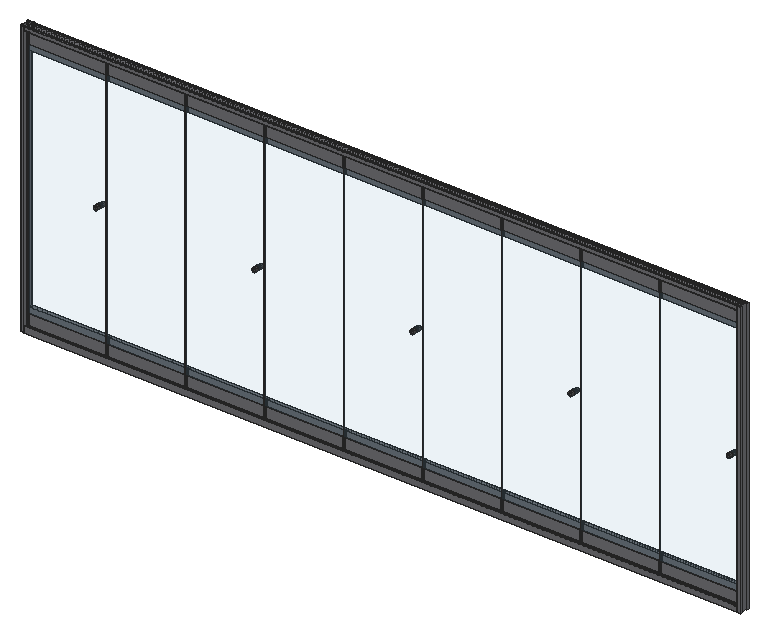
Revit family "QFL9 LH", category Doors, host Wall, Revit 2024 (continued)
Automatic sketch dimensions
  Extrusion 2 sketch curve to Extrusion 2 sketch curve = 23 mm
  Extrusion 2 sketch curve to Extrusion 2 sketch curve = 20.6 mm
  Extrusion 2 sketch curve to Extrusion 2 sketch curve = 3.301 mm
  Extrusion 2 sketch curve to Extrusion 2 sketch curve = 2.2 mm  (x2)
  level to Extrusion 2 sketch curve = 8.4 mm
  Extrusion 2 sketch curve to Extrusion 2 sketch curve = 4.1 mm
  Extrusion 2 sketch curve to Extrusion 2 sketch curve = 0.629 mm
  Extrusion 2 sketch curve to Extrusion 2 sketch curve = 0.057 mm
  Extrusion 2 sketch curve to Extrusion 2 sketch curve = 2.504 mm
  Extrusion 2 sketch curve to Extrusion 2 sketch curve = 14 mm
  Extrusion 2 sketch curve to Extrusion 2 sketch curve = 1.65 mm
  Extrusion 2 sketch curve to Extrusion 2 sketch curve = 9 mm
  Extrusion 2 sketch curve to Extrusion 2 sketch curve = 1.151 mm
  Extrusion 2 sketch curve to Extrusion 2 sketch curve = 43.5 mm
  Extrusion 2 sketch curve to Extrusion 2 sketch curve = 1.15 mm  (x2)
  Extrusion 2 sketch curve to Extrusion 2 sketch curve = 4 mm
  Extrusion 2 sketch curve to Extrusion 2 sketch curve = 10.3 mm
  Extrusion 2 sketch curve to Extrusion 2 sketch curve = 5.8 mm
  plane 5 to Extrusion 2 sketch curve = 2 mm
  Extrusion 3 sketch curve to host wall = 33.496 mm  (x2)
  Extrusion 3 sketch curve to Extrusion 3 sketch curve = 1.79 mm  (x4)
  Extrusion 3 sketch curve to Extrusion 3 sketch curve = 0 mm
  Extrusion 3 sketch curve to Extrusion 3 sketch curve = 0.01 mm
  Extrusion 3 sketch curve to Extrusion 3 sketch curve = 1.8 mm  (x6)
  Extrusion 3 sketch curve to Extrusion 3 sketch curve = 0.51 mm  (x2)
  Extrusion 3 sketch curve to Extrusion 3 sketch curve = 3.11 mm  (x2)
  Extrusion 3 sketch curve to Extrusion 3 sketch curve = 8.21 mm  (x2)
  Extrusion 3 sketch curve to Extrusion 3 sketch curve = 1.028 mm  (x2)
  host wall to Extrusion 3 sketch curve = 0.504 mm  (x2)
  host wall to Extrusion 3 sketch curve = 2.504 mm  (x2)
  host wall to Extrusion 3 sketch curve = 5.604 mm  (x2)
  host wall to Extrusion 3 sketch curve = 8.2 mm  (x2)
  Extrusion 3 sketch curve to Extrusion 3 sketch curve = 3.1 mm  (x2)
  Extrusion 3 sketch curve to Extrusion 3 sketch curve = 0.514 mm
  Extrusion 3 sketch curve to Extrusion 3 sketch curve = 6.21 mm
  Extrusion 3 sketch curve to Extrusion 3 sketch curve = 0.05 mm
  Extrusion 3 sketch curve to Extrusion 3 sketch curve = 0.554 mm
  level to Extrusion 3 sketch curve = 31 mm  (x2)
  Extrusion 3 sketch curve to Extrusion 3 sketch curve = 2 mm  (x6)
  Extrusion 3 sketch curve to Extrusion 3 sketch curve = 1.6 mm  (x4)
  Extrusion 3 sketch curve to Extrusion 3 sketch curve = 12.367 mm  (x2)
  Extrusion 3 sketch curve to Extrusion 3 sketch curve = 12.517 mm  (x2)
  Extrusion 3 sketch curve to Extrusion 3 sketch curve = 1.048 mm  (x2)
  Extrusion 3 sketch curve to Extrusion 3 sketch curve = 0.963 mm  (x2)
  Extrusion 3 sketch curve to Extrusion 3 sketch curve = 2.92 mm  (x2)
  Extrusion 3 sketch curve to Extrusion 3 sketch curve = 66.2 mm
  Extrusion 3 sketch curve to Extrusion 3 sketch curve = 33.962 mm
  Extrusion 3 sketch curve to Extrusion 3 sketch curve = 1.038 mm  (x2)
  Extrusion 3 sketch curve to Extrusion 3 sketch curve = 9.238 mm
  plane 5 to Extrusion 3 sketch curve = 174 mm
  Extrusion 3 sketch curve to Extrusion 3 sketch curve = 8.2 mm
  Extrusion 3 sketch curve to Extrusion 3 sketch curve = 43.2 mm
  plane 5 to Extrusion 3 sketch curve = 60.8 mm
  Extrusion 3 sketch curve to Extrusion 3 sketch curve = 2.985 mm
  host wall to Extrusion 4 sketch curve = 2.504 mm
  Extrusion 4 sketch curve to Extrusion 4 sketch curve = 8 mm
  level to Extrusion 4 sketch curve = 121 mm
  plane 5 to Extrusion 4 sketch curve = 129 mm
  Extrusion 5 sketch curve to host wall = 33.496 mm  (x2)
  Extrusion 5 sketch curve to Extrusion 5 sketch curve = 4.9 mm  (x3)
  Extrusion 5 sketch curve to Extrusion 5 sketch curve = 10 mm  (x4)
  host wall to Extrusion 5 sketch curve = 2.504 mm  (x2)
  host wall to Extrusion 5 sketch curve = 5.604 mm  (x2)
  Extrusion 5 sketch curve to Extrusion 5 sketch curve = 8 mm
  plane 5 to Extrusion 5 sketch curve = 39 mm
  Extrusion 5 sketch curve to Extrusion 5 sketch curve = 0 mm
  Extrusion 5 sketch curve to Extrusion 5 sketch curve = 20 mm  (x3)
  Extrusion 5 sketch curve to Extrusion 5 sketch curve = 70 mm
  Extrusion 5 sketch curve to Extrusion 5 sketch curve = 35 mm
  level to Extrusion 5 sketch curve = 166 mm
  Extrusion 5 sketch curve to Extrusion 5 sketch curve = 45 mm
  level to Extrusion 5 sketch curve = 51 mm
  Extrusion 6 sketch curve to host wall = 33.496 mm  (x2)
  Extrusion 6 sketch curve to Extrusion 6 sketch curve = 4.9 mm  (x3)
  Extrusion 6 sketch curve to Extrusion 6 sketch curve = 10 mm  (x4)
  host wall to Extrusion 6 sketch curve = 2.504 mm  (x2)
  host wall to Extrusion 6 sketch curve = 5.604 mm  (x2)
  Extrusion 6 sketch curve to Extrusion 6 sketch curve = 8 mm
  level to Extrusion 6 sketch curve = 31 mm  (x2)
  Extrusion 6 sketch curve to Extrusion 6 sketch curve = 20 mm  (x3)
  Extrusion 6 sketch curve to Extrusion 6 sketch curve = 70 mm
  Extrusion 6 sketch curve to Extrusion 6 sketch curve = 35 mm
  plane 5 to Extrusion 6 sketch curve = 174 mm
  Extrusion 6 sketch curve to Extrusion 6 sketch curve = 45 mm
  plane 5 to Extrusion 6 sketch curve = 59 mm
  Extrusion 7 sketch curve to host wall = 33.496 mm  (x2)
  Extrusion 7 sketch curve to Extrusion 7 sketch curve = 1.79 mm  (x4)
  Extrusion 7 sketch curve to Extrusion 7 sketch curve = 0 mm
  Extrusion 7 sketch curve to Extrusion 7 sketch curve = 0.01 mm
  Extrusion 7 sketch curve to Extrusion 7 sketch curve = 1.8 mm  (x6)
  Extrusion 7 sketch curve to Extrusion 7 sketch curve = 0.51 mm  (x2)
  Extrusion 7 sketch curve to Extrusion 7 sketch curve = 3.11 mm  (x2)
  Extrusion 7 sketch curve to Extrusion 7 sketch curve = 8.21 mm  (x2)
  Extrusion 7 sketch curve to Extrusion 7 sketch curve = 1.028 mm  (x2)
  host wall to Extrusion 7 sketch curve = 0.504 mm  (x2)
  host wall to Extrusion 7 sketch curve = 2.504 mm  (x2)
  host wall to Extrusion 7 sketch curve = 5.604 mm  (x2)
  host wall to Extrusion 7 sketch curve = 8.2 mm  (x2)
  Extrusion 7 sketch curve to Extrusion 7 sketch curve = 3.1 mm  (x2)
  Extrusion 7 sketch curve to Extrusion 7 sketch curve = 0.514 mm
  Extrusion 7 sketch curve to Extrusion 7 sketch curve = 6.21 mm
  Extrusion 7 sketch curve to Extrusion 7 sketch curve = 0.05 mm
  Extrusion 7 sketch curve to Extrusion 7 sketch curve = 0.554 mm
  level to Extrusion 7 sketch curve = 31 mm  (x2)
  Extrusion 7 sketch curve to Extrusion 7 sketch curve = 2 mm  (x6)
  Extrusion 7 sketch curve to Extrusion 7 sketch curve = 1.6 mm  (x4)
  Extrusion 7 sketch curve to Extrusion 7 sketch curve = 12.367 mm  (x2)
  Extrusion 7 sketch curve to Extrusion 7 sketch curve = 12.517 mm  (x2)
  Extrusion 7 sketch curve to Extrusion 7 sketch curve = 1.048 mm  (x2)
  Extrusion 7 sketch curve to Extrusion 7 sketch curve = 0.963 mm  (x2)
  Extrusion 7 sketch curve to Extrusion 7 sketch curve = 2.92 mm  (x2)
  Extrusion 7 sketch curve to Extrusion 7 sketch curve = 66.2 mm
  Extrusion 7 sketch curve to Extrusion 7 sketch curve = 33.962 mm
  Extrusion 7 sketch curve to Extrusion 7 sketch curve = 1.038 mm  (x2)
  Extrusion 7 sketch curve to Extrusion 7 sketch curve = 9.238 mm
  plane 5 to Extrusion 7 sketch curve = 174 mm
  Extrusion 7 sketch curve to Extrusion 7 sketch curve = 8.2 mm
  Extrusion 7 sketch curve to Extrusion 7 sketch curve = 43.2 mm
  plane 5 to Extrusion 7 sketch curve = 60.8 mm
  Extrusion 7 sketch curve to Extrusion 7 sketch curve = 2.985 mm
  host wall to Extrusion 8 sketch curve = 2.504 mm
  Extrusion 8 sketch curve to Extrusion 8 sketch curve = 8 mm
  level to Extrusion 8 sketch curve = 121 mm
  plane 5 to Extrusion 8 sketch curve = 129 mm
  Extrusion 9 sketch curve to host wall = 33.496 mm  (x2)
  Extrusion 9 sketch curve to Extrusion 9 sketch curve = 4.9 mm  (x3)
  Extrusion 9 sketch curve to Extrusion 9 sketch curve = 10 mm  (x4)
  host wall to Extrusion 9 sketch curve = 2.504 mm  (x2)
  host wall to Extrusion 9 sketch curve = 5.604 mm  (x2)
  Extrusion 9 sketch curve to Extrusion 9 sketch curve = 8 mm
  plane 5 to Extrusion 9 sketch curve = 39 mm
  Extrusion 9 sketch curve to Extrusion 9 sketch curve = 0 mm
  Extrusion 9 sketch curve to Extrusion 9 sketch curve = 20 mm  (x3)
  Extrusion 9 sketch curve to Extrusion 9 sketch curve = 70 mm
  Extrusion 9 sketch curve to Extrusion 9 sketch curve = 35 mm
  level to Extrusion 9 sketch curve = 166 mm
  Extrusion 9 sketch curve to Extrusion 9 sketch curve = 45 mm
  level to Extrusion 9 sketch curve = 51 mm
  Extrusion 10 sketch curve to host wall = 33.496 mm  (x2)
  Extrusion 10 sketch curve to Extrusion 10 sketch curve = 4.9 mm  (x3)
  Extrusion 10 sketch curve to Extrusion 10 sketch curve = 10 mm  (x4)
  host wall to Extrusion 10 sketch curve = 2.504 mm  (x2)
  host wall to Extrusion 10 sketch curve = 5.604 mm  (x2)
  Extrusion 10 sketch curve to Extrusion 10 sketch curve = 8 mm
  level to Extrusion 10 sketch curve = 31 mm  (x2)
  Extrusion 10 sketch curve to Extrusion 10 sketch curve = 20 mm  (x3)
  Extrusion 10 sketch curve to Extrusion 10 sketch curve = 70 mm
  Extrusion 10 sketch curve to Extrusion 10 sketch curve = 35 mm
  plane 5 to Extrusion 10 sketch curve = 174 mm
  Extrusion 10 sketch curve to Extrusion 10 sketch curve = 45 mm
  plane 5 to Extrusion 10 sketch curve = 59 mm
  Extrusion 11 sketch curve to host wall = 33.496 mm  (x2)
  Extrusion 11 sketch curve to Extrusion 11 sketch curve = 1.79 mm  (x4)
  Extrusion 11 sketch curve to Extrusion 11 sketch curve = 0 mm
  Extrusion 11 sketch curve to Extrusion 11 sketch curve = 0.01 mm
  Extrusion 11 sketch curve to Extrusion 11 sketch curve = 1.8 mm  (x6)
  Extrusion 11 sketch curve to Extrusion 11 sketch curve = 0.51 mm  (x2)
  Extrusion 11 sketch curve to Extrusion 11 sketch curve = 3.11 mm  (x2)
  Extrusion 11 sketch curve to Extrusion 11 sketch curve = 8.21 mm  (x2)
  Extrusion 11 sketch curve to Extrusion 11 sketch curve = 1.028 mm  (x2)
  host wall to Extrusion 11 sketch curve = 0.504 mm  (x2)
  host wall to Extrusion 11 sketch curve = 2.504 mm  (x2)
  host wall to Extrusion 11 sketch curve = 5.604 mm  (x2)
  host wall to Extrusion 11 sketch curve = 8.2 mm  (x2)
  Extrusion 11 sketch curve to Extrusion 11 sketch curve = 3.1 mm  (x2)
  Extrusion 11 sketch curve to Extrusion 11 sketch curve = 0.514 mm
  Extrusion 11 sketch curve to Extrusion 11 sketch curve = 6.21 mm
  Extrusion 11 sketch curve to Extrusion 11 sketch curve = 0.05 mm
  Extrusion 11 sketch curve to Extrusion 11 sketch curve = 0.554 mm
  level to Extrusion 11 sketch curve = 31 mm  (x2)
  Extrusion 11 sketch curve to Extrusion 11 sketch curve = 2 mm  (x6)
  Extrusion 11 sketch curve to Extrusion 11 sketch curve = 1.6 mm  (x4)
  Extrusion 11 sketch curve to Extrusion 11 sketch curve = 12.367 mm  (x2)
  Extrusion 11 sketch curve to Extrusion 11 sketch curve = 12.517 mm  (x2)
  Extrusion 11 sketch curve to Extrusion 11 sketch curve = 1.048 mm  (x2)
  Extrusion 11 sketch curve to Extrusion 11 sketch curve = 0.963 mm  (x2)
  Extrusion 11 sketch curve to Extrusion 11 sketch curve = 2.92 mm  (x2)
  Extrusion 11 sketch curve to Extrusion 11 sketch curve = 66.2 mm
  Extrusion 11 sketch curve to Extrusion 11 sketch curve = 33.962 mm
  Extrusion 11 sketch curve to Extrusion 11 sketch curve = 1.038 mm  (x2)
  Extrusion 11 sketch curve to Extrusion 11 sketch curve = 9.238 mm
  plane 5 to Extrusion 11 sketch curve = 174 mm
  Extrusion 11 sketch curve to Extrusion 11 sketch curve = 8.2 mm
  Extrusion 11 sketch curve to Extrusion 11 sketch curve = 43.2 mm
  plane 5 to Extrusion 11 sketch curve = 60.8 mm
  Extrusion 11 sketch curve to Extrusion 11 sketch curve = 2.985 mm
  host wall to Extrusion 12 sketch curve = 2.504 mm
  Extrusion 12 sketch curve to Extrusion 12 sketch curve = 8 mm
  level to Extrusion 12 sketch curve = 121 mm
  plane 5 to Extrusion 12 sketch curve = 129 mm
  Extrusion 13 sketch curve to host wall = 33.496 mm  (x2)
  Extrusion 13 sketch curve to Extrusion 13 sketch curve = 4.9 mm  (x3)
  Extrusion 13 sketch curve to Extrusion 13 sketch curve = 10 mm  (x4)
  host wall to Extrusion 13 sketch curve = 2.504 mm  (x2)
  host wall to Extrusion 13 sketch curve = 5.604 mm  (x2)
  Extrusion 13 sketch curve to Extrusion 13 sketch curve = 8 mm
  plane 5 to Extrusion 13 sketch curve = 39 mm
  Extrusion 13 sketch curve to Extrusion 13 sketch curve = 0 mm
  Extrusion 13 sketch curve to Extrusion 13 sketch curve = 20 mm  (x3)
  Extrusion 13 sketch curve to Extrusion 13 sketch curve = 70 mm
  Extrusion 13 sketch curve to Extrusion 13 sketch curve = 35 mm
  level to Extrusion 13 sketch curve = 166 mm
  Extrusion 13 sketch curve to Extrusion 13 sketch curve = 45 mm
  level to Extrusion 13 sketch curve = 51 mm
  Extrusion 14 sketch curve to host wall = 33.496 mm  (x2)
  Extrusion 14 sketch curve to Extrusion 14 sketch curve = 4.9 mm  (x3)
  Extrusion 14 sketch curve to Extrusion 14 sketch curve = 10 mm  (x4)
  host wall to Extrusion 14 sketch curve = 2.504 mm  (x2)
  host wall to Extrusion 14 sketch curve = 5.604 mm  (x2)
  Extrusion 14 sketch curve to Extrusion 14 sketch curve = 8 mm
  level to Extrusion 14 sketch curve = 31 mm  (x2)
  Extrusion 14 sketch curve to Extrusion 14 sketch curve = 20 mm  (x3)
  Extrusion 14 sketch curve to Extrusion 14 sketch curve = 70 mm
  Extrusion 14 sketch curve to Extrusion 14 sketch curve = 35 mm
  plane 5 to Extrusion 14 sketch curve = 174 mm
  Extrusion 14 sketch curve to Extrusion 14 sketch curve = 45 mm
  plane 5 to Extrusion 14 sketch curve = 59 mm
  Extrusion 15 sketch curve to host wall = 33.496 mm  (x2)
  Extrusion 15 sketch curve to Extrusion 15 sketch curve = 1.79 mm  (x4)
  Extrusion 15 sketch curve to Extrusion 15 sketch curve = 0 mm
  Extrusion 15 sketch curve to Extrusion 15 sketch curve = 0.01 mm
  Extrusion 15 sketch curve to Extrusion 15 sketch curve = 1.8 mm  (x6)
  Extrusion 15 sketch curve to Extrusion 15 sketch curve = 0.51 mm  (x2)
  Extrusion 15 sketch curve to Extrusion 15 sketch curve = 3.11 mm  (x2)
  Extrusion 15 sketch curve to Extrusion 15 sketch curve = 8.21 mm  (x2)
  Extrusion 15 sketch curve to Extrusion 15 sketch curve = 1.028 mm  (x2)
  host wall to Extrusion 15 sketch curve = 0.504 mm  (x2)
  host wall to Extrusion 15 sketch curve = 2.504 mm  (x2)
  host wall to Extrusion 15 sketch curve = 5.604 mm  (x2)
  host wall to Extrusion 15 sketch curve = 8.2 mm  (x2)
  Extrusion 15 sketch curve to Extrusion 15 sketch curve = 3.1 mm  (x2)
  Extrusion 15 sketch curve to Extrusion 15 sketch curve = 0.514 mm
  Extrusion 15 sketch curve to Extrusion 15 sketch curve = 6.21 mm
  Extrusion 15 sketch curve to Extrusion 15 sketch curve = 0.05 mm
  Extrusion 15 sketch curve to Extrusion 15 sketch curve = 0.554 mm
  level to Extrusion 15 sketch curve = 31 mm  (x2)
  Extrusion 15 sketch curve to Extrusion 15 sketch curve = 2 mm  (x6)
  Extrusion 15 sketch curve to Extrusion 15 sketch curve = 1.6 mm  (x4)
  Extrusion 15 sketch curve to Extrusion 15 sketch curve = 12.367 mm  (x2)
  Extrusion 15 sketch curve to Extrusion 15 sketch curve = 12.517 mm  (x2)
  Extrusion 15 sketch curve to Extrusion 15 sketch curve = 1.048 mm  (x2)
  Extrusion 15 sketch curve to Extrusion 15 sketch curve = 0.963 mm  (x2)
  Extrusion 15 sketch curve to Extrusion 15 sketch curve = 2.92 mm  (x2)
  Extrusion 15 sketch curve to Extrusion 15 sketch curve = 66.2 mm
  Extrusion 15 sketch curve to Extrusion 15 sketch curve = 33.962 mm
  Extrusion 15 sketch curve to Extrusion 15 sketch curve = 1.038 mm  (x2)
  Extrusion 15 sketch curve to Extrusion 15 sketch curve = 9.238 mm
  plane 5 to Extrusion 15 sketch curve = 174 mm
  Extrusion 15 sketch curve to Extrusion 15 sketch curve = 8.2 mm
  Extrusion 15 sketch curve to Extrusion 15 sketch curve = 43.2 mm
  plane 5 to Extrusion 15 sketch curve = 60.8 mm
  Extrusion 15 sketch curve to Extrusion 15 sketch curve = 2.985 mm
  host wall to Extrusion 16 sketch curve = 2.504 mm
  Extrusion 16 sketch curve to Extrusion 16 sketch curve = 8 mm
  level to Extrusion 16 sketch curve = 121 mm
  plane 5 to Extrusion 16 sketch curve = 129 mm
  Extrusion 17 sketch curve to host wall = 33.496 mm  (x2)
  Extrusion 17 sketch curve to Extrusion 17 sketch curve = 4.9 mm  (x3)
  Extrusion 17 sketch curve to Extrusion 17 sketch curve = 10 mm  (x4)
  host wall to Extrusion 17 sketch curve = 2.504 mm  (x2)
  host wall to Extrusion 17 sketch curve = 5.604 mm  (x2)
  Extrusion 17 sketch curve to Extrusion 17 sketch curve = 8 mm
  plane 5 to Extrusion 17 sketch curve = 39 mm
  Extrusion 17 sketch curve to Extrusion 17 sketch curve = 0 mm
  Extrusion 17 sketch curve to Extrusion 17 sketch curve = 20 mm  (x3)
  Extrusion 17 sketch curve to Extrusion 17 sketch curve = 70 mm
  Extrusion 17 sketch curve to Extrusion 17 sketch curve = 35 mm
  level to Extrusion 17 sketch curve = 166 mm
  Extrusion 17 sketch curve to Extrusion 17 sketch curve = 45 mm
  level to Extrusion 17 sketch curve = 51 mm
  Extrusion 18 sketch curve to host wall = 33.496 mm  (x2)
  Extrusion 18 sketch curve to Extrusion 18 sketch curve = 4.9 mm  (x3)
  Extrusion 18 sketch curve to Extrusion 18 sketch curve = 10 mm  (x4)
  host wall to Extrusion 18 sketch curve = 2.504 mm  (x2)
  host wall to Extrusion 18 sketch curve = 5.604 mm  (x2)
  Extrusion 18 sketch curve to Extrusion 18 sketch curve = 8 mm
  level to Extrusion 18 sketch curve = 31 mm  (x2)
  Extrusion 18 sketch curve to Extrusion 18 sketch curve = 20 mm  (x3)
  Extrusion 18 sketch curve to Extrusion 18 sketch curve = 70 mm
  Extrusion 18 sketch curve to Extrusion 18 sketch curve = 35 mm
  plane 5 to Extrusion 18 sketch curve = 174 mm
  Extrusion 18 sketch curve to Extrusion 18 sketch curve = 45 mm
  plane 5 to Extrusion 18 sketch curve = 59 mm
  Extrusion 19 sketch curve to host wall = 33.496 mm  (x2)
  Extrusion 19 sketch curve to Extrusion 19 sketch curve = 1.79 mm  (x4)
  Extrusion 19 sketch curve to Extrusion 19 sketch curve = 0 mm
  Extrusion 19 sketch curve to Extrusion 19 sketch curve = 0.01 mm
  Extrusion 19 sketch curve to Extrusion 19 sketch curve = 1.8 mm  (x6)
  Extrusion 19 sketch curve to Extrusion 19 sketch curve = 0.51 mm  (x2)
  Extrusion 19 sketch curve to Extrusion 19 sketch curve = 3.11 mm  (x2)
  Extrusion 19 sketch curve to Extrusion 19 sketch curve = 8.21 mm  (x2)
  Extrusion 19 sketch curve to Extrusion 19 sketch curve = 1.028 mm  (x2)
  host wall to Extrusion 19 sketch curve = 0.504 mm  (x2)
  host wall to Extrusion 19 sketch curve = 2.504 mm  (x2)
  host wall to Extrusion 19 sketch curve = 5.604 mm  (x2)
  host wall to Extrusion 19 sketch curve = 8.2 mm  (x2)
  Extrusion 19 sketch curve to Extrusion 19 sketch curve = 3.1 mm  (x2)
  Extrusion 19 sketch curve to Extrusion 19 sketch curve = 0.514 mm
  Extrusion 19 sketch curve to Extrusion 19 sketch curve = 6.21 mm
  Extrusion 19 sketch curve to Extrusion 19 sketch curve = 0.05 mm
  Extrusion 19 sketch curve to Extrusion 19 sketch curve = 0.554 mm
  level to Extrusion 19 sketch curve = 31 mm  (x2)
  Extrusion 19 sketch curve to Extrusion 19 sketch curve = 2 mm  (x6)
  Extrusion 19 sketch curve to Extrusion 19 sketch curve = 1.6 mm  (x4)
  Extrusion 19 sketch curve to Extrusion 19 sketch curve = 12.367 mm  (x2)
  Extrusion 19 sketch curve to Extrusion 19 sketch curve = 12.517 mm  (x2)
  Extrusion 19 sketch curve to Extrusion 19 sketch curve = 1.048 mm  (x2)
  Extrusion 19 sketch curve to Extrusion 19 sketch curve = 0.963 mm  (x2)
  Extrusion 19 sketch curve to Extrusion 19 sketch curve = 2.92 mm  (x2)
  Extrusion 19 sketch curve to Extrusion 19 sketch curve = 66.2 mm
  Extrusion 19 sketch curve to Extrusion 19 sketch curve = 33.962 mm
  Extrusion 19 sketch curve to Extrusion 19 sketch curve = 1.038 mm  (x2)
  Extrusion 19 sketch curve to Extrusion 19 sketch curve = 9.238 mm
  plane 5 to Extrusion 19 sketch curve = 174 mm
  Extrusion 19 sketch curve to Extrusion 19 sketch curve = 8.2 mm
  Extrusion 19 sketch curve to Extrusion 19 sketch curve = 43.2 mm
  plane 5 to Extrusion 19 sketch curve = 60.8 mm
  Extrusion 19 sketch curve to Extrusion 19 sketch curve = 2.985 mm
  host wall to Extrusion 20 sketch curve = 2.504 mm
  Extrusion 20 sketch curve to Extrusion 20 sketch curve = 8 mm
  level to Extrusion 20 sketch curve = 121 mm
  plane 5 to Extrusion 20 sketch curve = 129 mm
  Extrusion 21 sketch curve to host wall = 33.496 mm  (x2)
  Extrusion 21 sketch curve to Extrusion 21 sketch curve = 4.9 mm  (x3)
  Extrusion 21 sketch curve to Extrusion 21 sketch curve = 10 mm  (x4)
  host wall to Extrusion 21 sketch curve = 2.504 mm  (x2)
  host wall to Extrusion 21 sketch curve = 5.604 mm  (x2)
  Extrusion 21 sketch curve to Extrusion 21 sketch curve = 8 mm
  plane 5 to Extrusion 21 sketch curve = 39 mm
  Extrusion 21 sketch curve to Extrusion 21 sketch curve = 0 mm
  Extrusion 21 sketch curve to Extrusion 21 sketch curve = 20 mm  (x3)
  Extrusion 21 sketch curve to Extrusion 21 sketch curve = 70 mm
  Extrusion 21 sketch curve to Extrusion 21 sketch curve = 35 mm
  level to Extrusion 21 sketch curve = 166 mm
  Extrusion 21 sketch curve to Extrusion 21 sketch curve = 45 mm
  level to Extrusion 21 sketch curve = 51 mm
  Extrusion 22 sketch curve to host wall = 33.496 mm  (x2)
  Extrusion 22 sketch curve to Extrusion 22 sketch curve = 4.9 mm  (x3)
  Extrusion 22 sketch curve to Extrusion 22 sketch curve = 10 mm  (x4)
  host wall to Extrusion 22 sketch curve = 2.504 mm  (x2)
  host wall to Extrusion 22 sketch curve = 5.604 mm  (x2)
  Extrusion 22 sketch curve to Extrusion 22 sketch curve = 8 mm
  level to Extrusion 22 sketch curve = 31 mm  (x2)
  Extrusion 22 sketch curve to Extrusion 22 sketch curve = 20 mm  (x3)
  Extrusion 22 sketch curve to Extrusion 22 sketch curve = 70 mm
  Extrusion 22 sketch curve to Extrusion 22 sketch curve = 35 mm
  plane 5 to Extrusion 22 sketch curve = 174 mm
  Extrusion 22 sketch curve to Extrusion 22 sketch curve = 45 mm
  plane 5 to Extrusion 22 sketch curve = 59 mm
  Extrusion 23 sketch curve to host wall = 33.496 mm  (x2)
  Extrusion 23 sketch curve to Extrusion 23 sketch curve = 1.79 mm  (x4)
  Extrusion 23 sketch curve to Extrusion 23 sketch curve = 0 mm
  Extrusion 23 sketch curve to Extrusion 23 sketch curve = 0.01 mm
  Extrusion 23 sketch curve to Extrusion 23 sketch curve = 1.8 mm  (x6)
  Extrusion 23 sketch curve to Extrusion 23 sketch curve = 0.51 mm  (x2)
  Extrusion 23 sketch curve to Extrusion 23 sketch curve = 3.11 mm  (x2)
  Extrusion 23 sketch curve to Extrusion 23 sketch curve = 8.21 mm  (x2)
  Extrusion 23 sketch curve to Extrusion 23 sketch curve = 1.028 mm  (x2)
  host wall to Extrusion 23 sketch curve = 0.504 mm  (x2)
  host wall to Extrusion 23 sketch curve = 2.504 mm  (x2)
  host wall to Extrusion 23 sketch curve = 5.604 mm  (x2)
  host wall to Extrusion 23 sketch curve = 8.2 mm  (x2)
  Extrusion 23 sketch curve to Extrusion 23 sketch curve = 3.1 mm  (x2)
  Extrusion 23 sketch curve to Extrusion 23 sketch curve = 0.514 mm
  Extrusion 23 sketch curve to Extrusion 23 sketch curve = 6.21 mm
  Extrusion 23 sketch curve to Extrusion 23 sketch curve = 0.05 mm
  Extrusion 23 sketch curve to Extrusion 23 sketch curve = 0.554 mm
  level to Extrusion 23 sketch curve = 31 mm  (x2)
  Extrusion 23 sketch curve to Extrusion 23 sketch curve = 2 mm  (x6)
  Extrusion 23 sketch curve to Extrusion 23 sketch curve = 1.6 mm  (x4)
  Extrusion 23 sketch curve to Extrusion 23 sketch curve = 12.367 mm  (x2)
  Extrusion 23 sketch curve to Extrusion 23 sketch curve = 12.517 mm  (x2)
  Extrusion 23 sketch curve to Extrusion 23 sketch curve = 1.048 mm  (x2)
  Extrusion 23 sketch curve to Extrusion 23 sketch curve = 0.963 mm  (x2)
  Extrusion 23 sketch curve to Extrusion 23 sketch curve = 2.92 mm  (x2)
  Extrusion 23 sketch curve to Extrusion 23 sketch curve = 66.2 mm
  Extrusion 23 sketch curve to Extrusion 23 sketch curve = 33.962 mm
  Extrusion 23 sketch curve to Extrusion 23 sketch curve = 1.038 mm  (x2)
  Extrusion 23 sketch curve to Extrusion 23 sketch curve = 9.238 mm
  plane 5 to Extrusion 23 sketch curve = 174 mm
  Extrusion 23 sketch curve to Extrusion 23 sketch curve = 8.2 mm
  Extrusion 23 sketch curve to Extrusion 23 sketch curve = 43.2 mm
  plane 5 to Extrusion 23 sketch curve = 60.8 mm
  Extrusion 23 sketch curve to Extrusion 23 sketch curve = 2.985 mm
  host wall to Extrusion 24 sketch curve = 2.504 mm
  Extrusion 24 sketch curve to Extrusion 24 sketch curve = 8 mm
  level to Extrusion 24 sketch curve = 121 mm
  plane 5 to Extrusion 24 sketch curve = 129 mm
  Extrusion 25 sketch curve to host wall = 33.496 mm  (x2)
  Extrusion 25 sketch curve to Extrusion 25 sketch curve = 4.9 mm  (x3)
  Extrusion 25 sketch curve to Extrusion 25 sketch curve = 10 mm  (x4)
  host wall to Extrusion 25 sketch curve = 2.504 mm  (x2)
  host wall to Extrusion 25 sketch curve = 5.604 mm  (x2)
  Extrusion 25 sketch curve to Extrusion 25 sketch curve = 8 mm
  plane 5 to Extrusion 25 sketch curve = 39 mm
  Extrusion 25 sketch curve to Extrusion 25 sketch curve = 0 mm
  Extrusion 25 sketch curve to Extrusion 25 sketch curve = 20 mm  (x3)
  Extrusion 25 sketch curve to Extrusion 25 sketch curve = 70 mm
  Extrusion 25 sketch curve to Extrusion 25 sketch curve = 35 mm
  level to Extrusion 25 sketch curve = 166 mm
  Extrusion 25 sketch curve to Extrusion 25 sketch curve = 45 mm
  level to Extrusion 25 sketch curve = 51 mm
  Extrusion 26 sketch curve to host wall = 33.496 mm  (x2)
  Extrusion 26 sketch curve to Extrusion 26 sketch curve = 4.9 mm  (x3)
  Extrusion 26 sketch curve to Extrusion 26 sketch curve = 10 mm  (x4)
  host wall to Extrusion 26 sketch curve = 2.504 mm  (x2)
  host wall to Extrusion 26 sketch curve = 5.604 mm  (x2)
  Extrusion 26 sketch curve to Extrusion 26 sketch curve = 8 mm
  level to Extrusion 26 sketch curve = 31 mm  (x2)
  Extrusion 26 sketch curve to Extrusion 26 sketch curve = 20 mm  (x3)
  Extrusion 26 sketch curve to Extrusion 26 sketch curve = 70 mm
  Extrusion 26 sketch curve to Extrusion 26 sketch curve = 35 mm
  plane 5 to Extrusion 26 sketch curve = 174 mm
  Extrusion 26 sketch curve to Extrusion 26 sketch curve = 45 mm
  plane 5 to Extrusion 26 sketch curve = 59 mm
  Extrusion 27 sketch curve to host wall = 33.496 mm  (x2)
  Extrusion 27 sketch curve to Extrusion 27 sketch curve = 1.79 mm  (x4)
  Extrusion 27 sketch curve to Extrusion 27 sketch curve = 0 mm
  Extrusion 27 sketch curve to Extrusion 27 sketch curve = 0.01 mm
  Extrusion 27 sketch curve to Extrusion 27 sketch curve = 1.8 mm  (x6)
  Extrusion 27 sketch curve to Extrusion 27 sketch curve = 0.51 mm  (x2)
  Extrusion 27 sketch curve to Extrusion 27 sketch curve = 3.11 mm  (x2)
  Extrusion 27 sketch curve to Extrusion 27 sketch curve = 8.21 mm  (x2)
  Extrusion 27 sketch curve to Extrusion 27 sketch curve = 1.028 mm  (x2)
  host wall to Extrusion 27 sketch curve = 0.504 mm  (x2)
  host wall to Extrusion 27 sketch curve = 2.504 mm  (x2)
  host wall to Extrusion 27 sketch curve = 5.604 mm  (x2)
  host wall to Extrusion 27 sketch curve = 8.2 mm  (x2)
  Extrusion 27 sketch curve to Extrusion 27 sketch curve = 3.1 mm  (x2)
  Extrusion 27 sketch curve to Extrusion 27 sketch curve = 0.514 mm
  Extrusion 27 sketch curve to Extrusion 27 sketch curve = 6.21 mm
  Extrusion 27 sketch curve to Extrusion 27 sketch curve = 0.05 mm
  Extrusion 27 sketch curve to Extrusion 27 sketch curve = 0.554 mm
  level to Extrusion 27 sketch curve = 31 mm  (x2)
  Extrusion 27 sketch curve to Extrusion 27 sketch curve = 2 mm  (x6)
  Extrusion 27 sketch curve to Extrusion 27 sketch curve = 1.6 mm  (x4)
  Extrusion 27 sketch curve to Extrusion 27 sketch curve = 12.367 mm  (x2)
  Extrusion 27 sketch curve to Extrusion 27 sketch curve = 12.517 mm  (x2)
  Extrusion 27 sketch curve to Extrusion 27 sketch curve = 1.048 mm  (x2)
  Extrusion 27 sketch curve to Extrusion 27 sketch curve = 0.963 mm  (x2)
  Extrusion 27 sketch curve to Extrusion 27 sketch curve = 2.92 mm  (x2)
  Extrusion 27 sketch curve to Extrusion 27 sketch curve = 66.2 mm
  Extrusion 27 sketch curve to Extrusion 27 sketch curve = 33.962 mm
  Extrusion 27 sketch curve to Extrusion 27 sketch curve = 1.038 mm  (x2)
  Extrusion 27 sketch curve to Extrusion 27 sketch curve = 9.238 mm
  plane 5 to Extrusion 27 sketch curve = 174 mm
  Extrusion 27 sketch curve to Extrusion 27 sketch curve = 8.2 mm
  Extrusion 27 sketch curve to Extrusion 27 sketch curve = 43.2 mm
  plane 5 to Extrusion 27 sketch curve = 60.8 mm
  Extrusion 27 sketch curve to Extrusion 27 sketch curve = 2.985 mm
  host wall to Extrusion 28 sketch curve = 2.504 mm
  Extrusion 28 sketch curve to Extrusion 28 sketch curve = 8 mm
  level to Extrusion 28 sketch curve = 121 mm
  plane 5 to Extrusion 28 sketch curve = 129 mm
  Extrusion 29 sketch curve to host wall = 33.496 mm  (x2)
  Extrusion 29 sketch curve to Extrusion 29 sketch curve = 4.9 mm  (x3)
  Extrusion 29 sketch curve to Extrusion 29 sketch curve = 10 mm  (x4)
  host wall to Extrusion 29 sketch curve = 2.504 mm  (x2)
  host wall to Extrusion 29 sketch curve = 5.604 mm  (x2)
  Extrusion 29 sketch curve to Extrusion 29 sketch curve = 8 mm
  plane 5 to Extrusion 29 sketch curve = 39 mm
  Extrusion 29 sketch curve to Extrusion 29 sketch curve = 0 mm
  Extrusion 29 sketch curve to Extrusion 29 sketch curve = 20 mm  (x3)
  Extrusion 29 sketch curve to Extrusion 29 sketch curve = 70 mm
  Extrusion 29 sketch curve to Extrusion 29 sketch curve = 35 mm
  level to Extrusion 29 sketch curve = 166 mm
  Extrusion 29 sketch curve to Extrusion 29 sketch curve = 45 mm
  level to Extrusion 29 sketch curve = 51 mm
  Extrusion 30 sketch curve to host wall = 33.496 mm  (x2)
  Extrusion 30 sketch curve to Extrusion 30 sketch curve = 4.9 mm  (x3)
  Extrusion 30 sketch curve to Extrusion 30 sketch curve = 10 mm  (x4)
  host wall to Extrusion 30 sketch curve = 2.504 mm  (x2)
  host wall to Extrusion 30 sketch curve = 5.604 mm  (x2)
  Extrusion 30 sketch curve to Extrusion 30 sketch curve = 8 mm
  level to Extrusion 30 sketch curve = 31 mm  (x2)
  Extrusion 30 sketch curve to Extrusion 30 sketch curve = 20 mm  (x3)
  Extrusion 30 sketch curve to Extrusion 30 sketch curve = 70 mm
  Extrusion 30 sketch curve to Extrusion 30 sketch curve = 35 mm
  plane 5 to Extrusion 30 sketch curve = 174 mm
  Extrusion 30 sketch curve to Extrusion 30 sketch curve = 45 mm
  plane 5 to Extrusion 30 sketch curve = 59 mm
  Extrusion 31 sketch curve to host wall = 33.496 mm  (x2)
  Extrusion 31 sketch curve to Extrusion 31 sketch curve = 1.79 mm  (x4)
  Extrusion 31 sketch curve to Extrusion 31 sketch curve = 0 mm
  Extrusion 31 sketch curve to Extrusion 31 sketch curve = 0.01 mm
  Extrusion 31 sketch curve to Extrusion 31 sketch curve = 1.8 mm  (x6)
  Extrusion 31 sketch curve to Extrusion 31 sketch curve = 0.51 mm  (x2)
  Extrusion 31 sketch curve to Extrusion 31 sketch curve = 3.11 mm  (x2)
  Extrusion 31 sketch curve to Extrusion 31 sketch curve = 8.21 mm  (x2)
  Extrusion 31 sketch curve to Extrusion 31 sketch curve = 1.028 mm  (x2)
  host wall to Extrusion 31 sketch curve = 0.504 mm  (x2)
  host wall to Extrusion 31 sketch curve = 2.504 mm  (x2)
  host wall to Extrusion 31 sketch curve = 5.604 mm  (x2)
  host wall to Extrusion 31 sketch curve = 8.2 mm  (x2)
  Extrusion 31 sketch curve to Extrusion 31 sketch curve = 3.1 mm  (x2)
  Extrusion 31 sketch curve to Extrusion 31 sketch curve = 0.514 mm
  Extrusion 31 sketch curve to Extrusion 31 sketch curve = 6.21 mm
  Extrusion 31 sketch curve to Extrusion 31 sketch curve = 0.05 mm
  Extrusion 31 sketch curve to Extrusion 31 sketch curve = 0.554 mm
  level to Extrusion 31 sketch curve = 31 mm  (x2)
  Extrusion 31 sketch curve to Extrusion 31 sketch curve = 2 mm  (x6)
  Extrusion 31 sketch curve to Extrusion 31 sketch curve = 1.6 mm  (x4)
  Extrusion 31 sketch curve to Extrusion 31 sketch curve = 12.367 mm  (x2)
  Extrusion 31 sketch curve to Extrusion 31 sketch curve = 12.517 mm  (x2)
  Extrusion 31 sketch curve to Extrusion 31 sketch curve = 1.048 mm  (x2)
  Extrusion 31 sketch curve to Extrusion 31 sketch curve = 0.963 mm  (x2)
  Extrusion 31 sketch curve to Extrusion 31 sketch curve = 2.92 mm  (x2)
  Extrusion 31 sketch curve to Extrusion 31 sketch curve = 66.2 mm
  Extrusion 31 sketch curve to Extrusion 31 sketch curve = 33.962 mm
  Extrusion 31 sketch curve to Extrusion 31 sketch curve = 1.038 mm  (x2)
  Extrusion 31 sketch curve to Extrusion 31 sketch curve = 9.238 mm
  plane 5 to Extrusion 31 sketch curve = 174 mm
  Extrusion 31 sketch curve to Extrusion 31 sketch curve = 8.2 mm
  Extrusion 31 sketch curve to Extrusion 31 sketch curve = 43.2 mm
  plane 5 to Extrusion 31 sketch curve = 60.8 mm
  Extrusion 31 sketch curve to Extrusion 31 sketch curve = 2.985 mm
  host wall to Extrusion 32 sketch curve = 2.504 mm
  Extrusion 32 sketch curve to Extrusion 32 sketch curve = 8 mm
  level to Extrusion 32 sketch curve = 121 mm
  plane 5 to Extrusion 32 sketch curve = 129 mm
  Extrusion 33 sketch curve to host wall = 33.496 mm  (x2)
  Extrusion 33 sketch curve to Extrusion 33 sketch curve = 4.9 mm  (x3)
  Extrusion 33 sketch curve to Extrusion 33 sketch curve = 10 mm  (x4)
  host wall to Extrusion 33 sketch curve = 2.504 mm  (x2)
  host wall to Extrusion 33 sketch curve = 5.604 mm  (x2)
  Extrusion 33 sketch curve to Extrusion 33 sketch curve = 8 mm
  plane 5 to Extrusion 33 sketch curve = 39 mm
  Extrusion 33 sketch curve to Extrusion 33 sketch curve = 0 mm
  Extrusion 33 sketch curve to Extrusion 33 sketch curve = 20 mm  (x3)
  Extrusion 33 sketch curve to Extrusion 33 sketch curve = 70 mm
  Extrusion 33 sketch curve to Extrusion 33 sketch curve = 35 mm
  level to Extrusion 33 sketch curve = 166 mm
  Extrusion 33 sketch curve to Extrusion 33 sketch curve = 45 mm
  level to Extrusion 33 sketch curve = 51 mm
  Extrusion 34 sketch curve to host wall = 33.496 mm  (x2)
  Extrusion 34 sketch curve to Extrusion 34 sketch curve = 4.9 mm  (x3)
  Extrusion 34 sketch curve to Extrusion 34 sketch curve = 10 mm  (x4)
  host wall to Extrusion 34 sketch curve = 2.504 mm  (x2)
  host wall to Extrusion 34 sketch curve = 5.604 mm  (x2)
  Extrusion 34 sketch curve to Extrusion 34 sketch curve = 8 mm
  level to Extrusion 34 sketch curve = 31 mm  (x2)
  Extrusion 34 sketch curve to Extrusion 34 sketch curve = 20 mm  (x3)
  Extrusion 34 sketch curve to Extrusion 34 sketch curve = 70 mm
  Extrusion 34 sketch curve to Extrusion 34 sketch curve = 35 mm
  plane 5 to Extrusion 34 sketch curve = 174 mm
  Extrusion 34 sketch curve to Extrusion 34 sketch curve = 45 mm
  plane 5 to Extrusion 34 sketch curve = 59 mm
  Extrusion 35 sketch curve to host wall = 33.496 mm  (x2)
  Extrusion 35 sketch curve to Extrusion 35 sketch curve = 1.79 mm  (x4)
  Extrusion 35 sketch curve to Extrusion 35 sketch curve = 0 mm
  Extrusion 35 sketch curve to Extrusion 35 sketch curve = 0.01 mm
  Extrusion 35 sketch curve to Extrusion 35 sketch curve = 1.8 mm  (x6)
  Extrusion 35 sketch curve to Extrusion 35 sketch curve = 0.51 mm  (x2)
  Extrusion 35 sketch curve to Extrusion 35 sketch curve = 3.11 mm  (x2)
  Extrusion 35 sketch curve to Extrusion 35 sketch curve = 8.21 mm  (x2)
  Extrusion 35 sketch curve to Extrusion 35 sketch curve = 1.028 mm  (x2)
  host wall to Extrusion 35 sketch curve = 0.504 mm  (x2)
  host wall to Extrusion 35 sketch curve = 2.504 mm  (x2)
  host wall to Extrusion 35 sketch curve = 5.604 mm  (x2)
  host wall to Extrusion 35 sketch curve = 8.2 mm  (x2)
  Extrusion 35 sketch curve to Extrusion 35 sketch curve = 3.1 mm  (x2)
  Extrusion 35 sketch curve to Extrusion 35 sketch curve = 0.514 mm
  Extrusion 35 sketch curve to Extrusion 35 sketch curve = 6.21 mm
  Extrusion 35 sketch curve to Extrusion 35 sketch curve = 0.05 mm
  Extrusion 35 sketch curve to Extrusion 35 sketch curve = 0.554 mm
  level to Extrusion 35 sketch curve = 31 mm  (x2)
  Extrusion 35 sketch curve to Extrusion 35 sketch curve = 2 mm  (x6)
  Extrusion 35 sketch curve to Extrusion 35 sketch curve = 1.6 mm  (x4)
  Extrusion 35 sketch curve to Extrusion 35 sketch curve = 12.367 mm  (x2)
  Extrusion 35 sketch curve to Extrusion 35 sketch curve = 12.517 mm  (x2)
  Extrusion 35 sketch curve to Extrusion 35 sketch curve = 1.048 mm  (x2)
  Extrusion 35 sketch curve to Extrusion 35 sketch curve = 0.963 mm  (x2)
  Extrusion 35 sketch curve to Extrusion 35 sketch curve = 2.92 mm  (x2)
  Extrusion 35 sketch curve to Extrusion 35 sketch curve = 66.2 mm
  Extrusion 35 sketch curve to Extrusion 35 sketch curve = 33.962 mm
  Extrusion 35 sketch curve to Extrusion 35 sketch curve = 1.038 mm  (x2)
  Extrusion 35 sketch curve to Extrusion 35 sketch curve = 9.238 mm
  plane 5 to Extrusion 35 sketch curve = 174 mm
  Extrusion 35 sketch curve to Extrusion 35 sketch curve = 8.2 mm
  Extrusion 35 sketch curve to Extrusion 35 sketch curve = 43.2 mm
  plane 5 to Extrusion 35 sketch curve = 60.8 mm
  Extrusion 35 sketch curve to Extrusion 35 sketch curve = 2.985 mm
  host wall to Extrusion 36 sketch curve = 2.504 mm
  Extrusion 36 sketch curve to Extrusion 36 sketch curve = 8 mm
  level to Extrusion 36 sketch curve = 121 mm
  plane 5 to Extrusion 36 sketch curve = 129 mm
  Extrusion 37 sketch curve to host wall = 33.496 mm  (x2)
  Extrusion 37 sketch curve to Extrusion 37 sketch curve = 4.9 mm  (x3)
  Extrusion 37 sketch curve to Extrusion 37 sketch curve = 10 mm  (x4)
  host wall to Extrusion 37 sketch curve = 2.504 mm  (x2)
  host wall to Extrusion 37 sketch curve = 5.604 mm  (x2)
  Extrusion 37 sketch curve to Extrusion 37 sketch curve = 8 mm
  plane 5 to Extrusion 37 sketch curve = 39 mm
  Extrusion 37 sketch curve to Extrusion 37 sketch curve = 0 mm
  Extrusion 37 sketch curve to Extrusion 37 sketch curve = 20 mm  (x3)
  Extrusion 37 sketch curve to Extrusion 37 sketch curve = 70 mm
  Extrusion 37 sketch curve to Extrusion 37 sketch curve = 35 mm
  level to Extrusion 37 sketch curve = 166 mm
  Extrusion 37 sketch curve to Extrusion 37 sketch curve = 45 mm
  level to Extrusion 37 sketch curve = 51 mm
  Extrusion 38 sketch curve to host wall = 33.496 mm  (x2)
  Extrusion 38 sketch curve to Extrusion 38 sketch curve = 4.9 mm  (x3)
  Extrusion 38 sketch curve to Extrusion 38 sketch curve = 10 mm  (x4)
  host wall to Extrusion 38 sketch curve = 2.504 mm  (x2)
  host wall to Extrusion 38 sketch curve = 5.604 mm  (x2)
  Extrusion 38 sketch curve to Extrusion 38 sketch curve = 8 mm
  level to Extrusion 38 sketch curve = 31 mm  (x2)
  Extrusion 38 sketch curve to Extrusion 38 sketch curve = 20 mm  (x3)
  Extrusion 38 sketch curve to Extrusion 38 sketch curve = 70 mm
  Extrusion 38 sketch curve to Extrusion 38 sketch curve = 35 mm
  plane 5 to Extrusion 38 sketch curve = 174 mm
  Extrusion 38 sketch curve to Extrusion 38 sketch curve = 45 mm
  plane 5 to Extrusion 38 sketch curve = 59 mm
  host wall to Revolve 39 sketch curve = 10.504 mm
  Revolve 39 sketch curve to Revolve 39 sketch curve = 3 mm
  Revolve 39 sketch curve to Revolve 39 sketch curve = 5 mm  (x2)
  Revolve 39 sketch curve to Revolve 39 sketch curve = 16 mm
  Revolve 39 sketch curve to Revolve 39 sketch curve = 1 mm  (x2)
  level to Revolve 39 sketch curve = 1048 mm
  Revolve 39 sketch curve to Revolve 39 sketch curve = 10 mm
  Revolve 39 sketch curve to Revolve 39 sketch curve = 14 mm
  Revolve 39 sketch curve to Revolve 39 sketch curve = 0 mm  (x3)
  host wall to Revolve 40 sketch curve = 2.504 mm
  Revolve 40 sketch curve to host wall = 0.496 mm
  Revolve 40 sketch curve to host wall = 5.496 mm
  Revolve 40 sketch curve to Revolve 40 sketch curve = 5 mm
  Revolve 40 sketch curve to Revolve 40 sketch curve = 16 mm
  Revolve 40 sketch curve to Revolve 40 sketch curve = 1 mm  (x2)
  plane 5 to Revolve 40 sketch curve = 1034.864 mm
  Revolve 40 sketch curve to Revolve 40 sketch curve = 0 mm  (x4)
  Revolve 40 sketch curve to Revolve 40 sketch curve = 14 mm
  host wall to Revolve 41 sketch curve = 10.504 mm
  Revolve 41 sketch curve to Revolve 41 sketch curve = 3 mm
  Revolve 41 sketch curve to Revolve 41 sketch curve = 5 mm  (x2)
  Revolve 41 sketch curve to Revolve 41 sketch curve = 16 mm
  Revolve 41 sketch curve to Revolve 41 sketch curve = 1 mm  (x2)
  level to Revolve 41 sketch curve = 1048 mm
  Revolve 41 sketch curve to Revolve 41 sketch curve = 10 mm
  Revolve 41 sketch curve to Revolve 41 sketch curve = 14 mm
  Revolve 41 sketch curve to Revolve 41 sketch curve = 0 mm  (x3)
  host wall to Revolve 42 sketch curve = 2.504 mm
  Revolve 42 sketch curve to host wall = 0.496 mm
  Revolve 42 sketch curve to host wall = 5.496 mm
  Revolve 42 sketch curve to Revolve 42 sketch curve = 5 mm
  Revolve 42 sketch curve to Revolve 42 sketch curve = 16 mm
  Revolve 42 sketch curve to Revolve 42 sketch curve = 1 mm  (x2)
  plane 5 to Revolve 42 sketch curve = 1034.864 mm
  Revolve 42 sketch curve to Revolve 42 sketch curve = 0 mm  (x4)
  Revolve 42 sketch curve to Revolve 42 sketch curve = 14 mm
  host wall to Revolve 43 sketch curve = 10.504 mm
  Revolve 43 sketch curve to Revolve 43 sketch curve = 3 mm
  Revolve 43 sketch curve to Revolve 43 sketch curve = 5 mm  (x2)
  Revolve 43 sketch curve to Revolve 43 sketch curve = 16 mm
  Revolve 43 sketch curve to Revolve 43 sketch curve = 1 mm  (x2)
  level to Revolve 43 sketch curve = 1048 mm
  Revolve 43 sketch curve to Revolve 43 sketch curve = 10 mm
  Revolve 43 sketch curve to Revolve 43 sketch curve = 14 mm
  Revolve 43 sketch curve to Revolve 43 sketch curve = 0 mm  (x3)
  host wall to Revolve 44 sketch curve = 2.504 mm
  Revolve 44 sketch curve to host wall = 0.496 mm
  Revolve 44 sketch curve to host wall = 5.496 mm
  Revolve 44 sketch curve to Revolve 44 sketch curve = 5 mm
  Revolve 44 sketch curve to Revolve 44 sketch curve = 16 mm
  Revolve 44 sketch curve to Revolve 44 sketch curve = 1 mm  (x2)
  plane 5 to Revolve 44 sketch curve = 1034.864 mm
  Revolve 44 sketch curve to Revolve 44 sketch curve = 0 mm  (x4)
  Revolve 44 sketch curve to Revolve 44 sketch curve = 14 mm
  host wall to Revolve 45 sketch curve = 10.504 mm
  Revolve 45 sketch curve to Revolve 45 sketch curve = 3 mm
  Revolve 45 sketch curve to Revolve 45 sketch curve = 5 mm  (x2)
  Revolve 45 sketch curve to Revolve 45 sketch curve = 16 mm
  Revolve 45 sketch curve to Revolve 45 sketch curve = 1 mm  (x2)
  level to Revolve 45 sketch curve = 1048 mm
  Revolve 45 sketch curve to Revolve 45 sketch curve = 10 mm
  Revolve 45 sketch curve to Revolve 45 sketch curve = 14 mm
  Revolve 45 sketch curve to Revolve 45 sketch curve = 0 mm  (x3)
  host wall to Revolve 46 sketch curve = 2.504 mm
  Revolve 46 sketch curve to host wall = 0.496 mm
  Revolve 46 sketch curve to host wall = 5.496 mm
  Revolve 46 sketch curve to Revolve 46 sketch curve = 5 mm
  Revolve 46 sketch curve to Revolve 46 sketch curve = 16 mm
  Revolve 46 sketch curve to Revolve 46 sketch curve = 1 mm  (x2)
  plane 5 to Revolve 46 sketch curve = 1034.864 mm
  Revolve 46 sketch curve to Revolve 46 sketch curve = 0 mm  (x4)
  Revolve 46 sketch curve to Revolve 46 sketch curve = 14 mm
  host wall to Revolve 47 sketch curve = 10.504 mm
  Revolve 47 sketch curve to Revolve 47 sketch curve = 3 mm
  Revolve 47 sketch curve to Revolve 47 sketch curve = 5 mm  (x2)
  Revolve 47 sketch curve to Revolve 47 sketch curve = 16 mm
  Revolve 47 sketch curve to Revolve 47 sketch curve = 1 mm  (x2)
  level to Revolve 47 sketch curve = 1048 mm
  Revolve 47 sketch curve to Revolve 47 sketch curve = 10 mm
  Revolve 47 sketch curve to Revolve 47 sketch curve = 14 mm
  Revolve 47 sketch curve to Revolve 47 sketch curve = 0 mm  (x3)
  host wall to Revolve 48 sketch curve = 2.504 mm
  Revolve 48 sketch curve to host wall = 0.496 mm
  Revolve 48 sketch curve to host wall = 5.496 mm
  Revolve 48 sketch curve to Revolve 48 sketch curve = 5 mm
  Revolve 48 sketch curve to Revolve 48 sketch curve = 16 mm
  Revolve 48 sketch curve to Revolve 48 sketch curve = 1 mm  (x2)
  plane 5 to Revolve 48 sketch curve = 1034.864 mm
  Revolve 48 sketch curve to Revolve 48 sketch curve = 0 mm  (x4)
  Revolve 48 sketch curve to Revolve 48 sketch curve = 14 mm
  curve 37 to plane 3 "Left" = 24.61 mm
  curve 43 to host wall = 37.5 mm
  curve 37 to curve 43 = 38.105 mm
  curve 41 to plane 3 "Left" = 296.895 mm
  curve 38 to curve 42 = 38.105 mm
  curve 44 to host wall = 37.5 mm
  curve 38 to curve 44 = 544.569 mm
  curve 45 to host wall = 37.5 mm
  curve 40 to curve 45 = 38.105 mm
  host wall to curve 46 = 456.111 mm
  curve 40 to curve 46 = 544.569 mm
  host wall to curve 54 = 456.111 mm
  curve 45 to curve 54 = 38.105 mm
  curve 53 to host wall = 37.5 mm
  curve 49 to host wall = 37.5 mm
  curve 50 to curve 49 = 38.105 mm
  host wall to curve 51 = 456.111 mm
  host wall to curve 66 = 456.111 mm
  curve 64 to curve 66 = 38.105 mm
  curve 67 to host wall = 37.5 mm
  curve 71 to host wall = 37.5 mm
  curve 65 to curve 71 = 38.105 mm
  host wall to curve 70 = 456.111 mm
  host wall to curve 63 = 456.111 mm
  curve 70 to curve 63 = 38.105 mm
  curve 62 to host wall = 15.5 mm
  curve 60 to host wall = 37.5 mm
  curve 62 to curve 60 = 38.105 mm
  plane 2 "Center (Left/Right)" to curve 58 = 24.513 mm
  curve 61 to host wall = 37.5 mm
